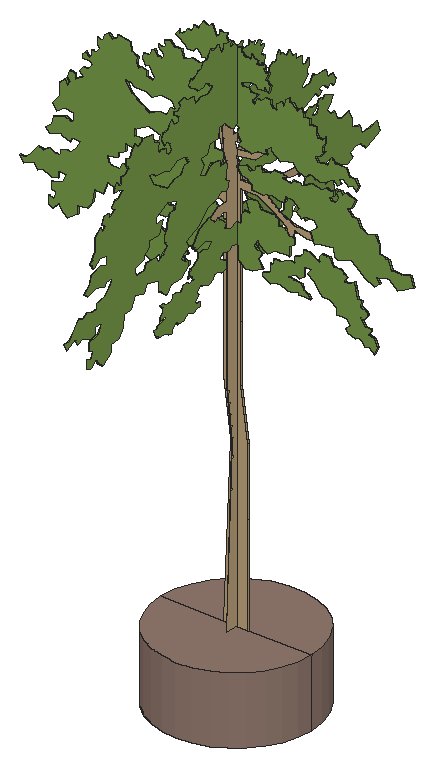
Revit family "L-PL특수목_소나무_2", category 수목, Revit 2019
Family settings
  OmniClass 번호 = 23.40.05.00
  OmniClass 제목 = Plants and Planting Products
  작업 기준면 기반 = 아니오
  항상 수직 = 예
  로드될 때 보이드를 사용하여 절단 = 아니오
  렌더 모양 소스 = 패밀리 형상
  공유 = 아니오
Parameters
  콘 높이 = 뿌리분 직경 / 4  # 272.5 mm
  뿌리분 직경 = (24 mm + ((R / 10) - 3 mm) * 5) * 10  # 1090 mm
  뿌리분 높이 = 뿌리분 직경 / 2  # 545 mm
  높이 = 4500 mm
  R = 200 mm
  H = 높이  # 4500 mm
Reference planes
  plane 1 "중심(앞/뒤)": y = 0
  plane 2: z = 0
  plane 3 "중심(왼쪽/오른쪽)": x = 0
  plane 4: x = 482.5
  plane 5: x = -607.5
  plane 6: z = -545
  plane 7: z = -817.5
  plane 8: z = 4500
  plane 9: x = -100
  plane 10: x = 100
Forms (mm)
  Revolve 1, solid, material "흙"
    sketch origin (0, 0, 0) x (1, 0, 0) y (0, 0, 1)
      loop
        line (0, 0) -> (-607.5, 0) -> (-607.5, -545) -> (0, -545) -> (0, 0)
      axis (0, 0) -> (0, -545)
    angle from 0 to 360
  Revolve 2, solid, material "흙"
    sketch origin (0, 0, 0) x (1, 0, 0) y (0, 0, 1)
      loop
        line (0, -545) -> (-607.5, -545) -> (0, -817.5) -> (0, -545)
      axis (0, -545) -> (0, -817.5)
    angle from 0 to 360
Dimensions and locks
  "뿌리분 직경": plane 4 to plane 5
  "뿌리분 높이": plane 6 to level
  "콘 높이": plane 7 to plane 6
  "H": level to plane 8
  "R": plane 9 to plane 10
  aligned and locked: level to plane 2
Automatic sketch dimensions
  Revolve 1 sketch curve to level = 0 mm  (x2)
  Revolve 1 sketch curve to plane 5 = 0 mm
  Revolve 1 sketch curve to plane 3 "중심(왼쪽/오른쪽)" = 0 mm  (x2)
  Revolve 1 sketch curve to plane 6 = 0 mm  (x2)
  Revolve 2 sketch curve to plane 5 = 0 mm
  Revolve 2 sketch curve to plane 3 "중심(왼쪽/오른쪽)" = 0 mm  (x2)
  Revolve 2 sketch curve to plane 7 = 0 mm  (x2)
  Revolve 2 sketch curve to plane 6 = 0 mm  (x2)
Nested families
  nested 1: "소나무2_base" at (0, 0, 0), type "소나무2_base"
Definition of nested family "소나무2_base"
  Parameters (values of type "소나무2_base")
    Height = 6000 mm
  Reference planes
    plane 1 "중심(앞/뒤)": y = 0
    plane 2: z = 0
    plane 3 "중심(왼쪽/오른쪽)": x = 0
  Forms (mm)
    Extrusion 1, solid
      sketch origin (1494.374, 0, -287.318) x (1, 0, 0) y (0, 0, 1)
        loop
          line (-1586.869, 3026.538) -> (-1586.869, 2063.157) -> (-1536.565, 1628.95) -> (-1594.374, 287.318) -> (-1394.374, 287.318) -> (-1394.374, 1091.736) -> (-1394.374, 1635.286) -> (-1451.643, 2038.542) -> (-1451.643, 2501.02) -> (-1451.643, 2923.202) -> (-1474.882, 2938.836) -> (-1474.882, 2996.668) -> (-1474.882, 3034.8) -> (-1541.665, 3049.416) -> (-1573.465, 3026.538) -> (-1586.869, 3026.538)
        loop
          line (-1453.269, 3256.498) -> (-1453.269, 3455.447) -> (-1316.479, 3455.447) -> (-1190.433, 3382.454) -> (-1080.858, 3313.755) -> (-1069.515, 3262.75) -> (-1061.77, 3254.339) -> (-1028.647, 3254.339) -> (-1019.267, 3302.305) -> (-919.002, 3282.268) -> (-872.197, 3282.268) -> (-891.688, 3331.553) -> (-1015.686, 3344.527) -> (-1133.138, 3392.473) -> (-1247.215, 3484.058) -> (-1249.703, 3483.242) -> (-1267.502, 3470.245) -> (-1364.028, 3479.822) -> (-1364.028, 3517.444) -> (-1369.191, 3521.468) -> (-1453.271, 3521.468) -> (-1453.271, 3554.056) -> (-1455.076, 3554.382) -> (-1482.459, 3607.053) -> (-1470.891, 3611.859) -> (-1484.044, 3681.331) -> (-1335.99, 3708.101) -> (-1258.823, 3772.139) -> (-1314.9, 3772.139) -> (-1363.81, 3739.187) -> (-1385.829, 3745.068) -> (-1499.547, 3724.079) -> (-1514.88, 3785.633) -> (-1460.937, 3785.633) -> (-1453.853, 3798.462) -> (-1478.218, 3831.276) -> (-1478.218, 3844.871) -> (-1534.231, 3844.871) -> (-1534.231, 3891.904) -> (-1565.082, 3911.721) -> (-1613.811, 3958.295) -> (-1639.979, 3958.295) -> (-1622.626, 3775.264) -> (-1598.299, 3674.834) -> (-1590.506, 3674.834) -> (-1590.506, 3629.229) -> (-1593.622, 3620.031) -> (-1593.622, 3549.778) -> (-1560.787, 3532.718) -> (-1585.2, 3461.659) -> (-1593.622, 3465.717) -> (-1593.622, 3390.6) -> (-1677.87, 3390.6) -> (-1758.304, 3339.112) -> (-1713.255, 3294.981) -> (-1683.279, 3319.769) -> (-1680.437, 3312.007) -> (-1622.662, 3326.948) -> (-1591.519, 3308.56) -> (-1591.519, 3197.16) -> (-1551.5, 3184.664) -> (-1507.716, 3210.589) -> (-1457.446, 3210.589) -> (-1457.446, 3249.478) -> (-1453.269, 3256.498)
      from 0 to 5
    Extrusion 2, solid
      sketch origin (1494.374, 0, -287.318) x (1, 0, 0) y (0, 0, 1)
        loop
          line (-2075.957, 4178.545) -> (-2122.335, 4178.545) -> (-2146.15, 4219.251) -> (-2168.086, 4205.473) -> (-2179.699, 4162.648) -> (-2233.233, 4162.648) -> (-2245.199, 4123.631) -> (-2221.896, 4072.027) -> (-2194.815, 4087.76) -> (-2167.103, 4057.553) -> (-2146.319, 4010.354) -> (-2163.954, 3993.991) -> (-2208.041, 4005.319) -> (-2208.041, 4041.19) -> (-2252.757, 4050.63) -> (-2277.319, 4038.673) -> (-2289.916, 4077.061) -> (-2279.209, 4113.562) -> (-2331.483, 4141.252) -> (-2340.301, 4201.037) -> (-2441.7, 4215.511) -> (-2441.7, 4194.744) -> (-2483.268, 4176.493) -> (-2514.758, 4207.33) -> (-2545.619, 4182.157) -> (-2565.773, 4131.183) -> (-2606.71, 4145.657) -> (-2606.71, 4090.906) -> (-2586.556, 4064.475) -> (-2616.788, 4034.897) -> (-2655.894, 4031.268) -> (-2655.894, 3981.71) -> (-2678.536, 3981.71) -> (-2699.022, 4008.644) -> (-2728.133, 3978.478) -> (-2728.133, 3949.39) -> (-2668.832, 3949.39) -> (-2645.113, 3929.998) -> (-2679.615, 3891.213) -> (-2715.195, 3891.213) -> (-2750.86, 3851.944) -> (-2719.592, 3820.7) -> (-2783.206, 3784.071) -> (-2783.206, 3823.933) -> (-2829.568, 3823.933) -> (-2847.898, 3775.452) -> (-2818.786, 3743.131) -> (-2844.663, 3715.12) -> (-2860.836, 3756.06) -> (-2914.746, 3707.579) -> (-2914.746, 3669.872) -> (-2914.746, 3609.54) -> (-2969.493, 3538.874) -> (-2938.584, 3497.918) -> (-2873.406, 3536.86) -> (-2800.165, 3526.789) -> (-2800.165, 3456.962) -> (-2860.64, 3481.805) -> (-2956.726, 3450.92) -> (-2972.853, 3391.836) -> (-3023.951, 3346.648) -> (-2991.027, 3318.449) -> (-2905.691, 3346.648) -> (-2886.877, 3333.219) -> (-2825.059, 3313.749) -> (-2810.276, 3342.619) -> (-2741.067, 3342.619) -> (-2776.679, 3288.235) -> (-2819.683, 3239.222) -> (-2858.656, 3239.222) -> (-2901.659, 3225.123) -> (-2901.659, 3187.524) -> (-2952.726, 3187.524) -> (-2995.73, 3205.652) -> (-3038.062, 3180.81) -> (-3081.787, 3193.975) -> (-3120.759, 3140.263) -> (-3176.53, 3077.15) -> (-3232.3, 3077.15) -> (-3204.751, 3023.438) -> (-3124.119, 3065.736) -> (-3091.866, 3013.367) -> (-3049.534, 3040.223) -> (-2979.653, 3005.31) -> (-2923.21, 3016.052) -> (-2923.21, 3066.408) -> (-2852.657, 3066.408) -> (-2884.238, 2999.938) -> (-2973.594, 2976.883) -> (-2973.594, 2920.485) -> (-2942.012, 2907.728) -> (-2954.107, 2852.001) -> (-3000.471, 2864.086) -> (-3000.471, 2803.66) -> (-2964.858, 2785.532) -> (-2917.823, 2828.502) -> (-2886.242, 2786.203) -> (-2847.941, 2753.975) -> (-2762.347, 2812.113) -> (-2762.347, 2868.767) -> (-2685.324, 2883.732) -> (-2642.533, 2937.178) -> (-2627.557, 3031.243) -> (-2559.092, 3031.243) -> (-2525.164, 3120.585) -> (-2429.695, 3095.033) -> (-2402.418, 3149.544) -> (-2277.967, 3118.882) -> (-2277.967, 3043.929) -> (-2204.66, 2987.714) -> (-2155.221, 3038.819) -> (-2059.751, 3038.819) -> (-1989.854, 3096.737) -> (-1989.854, 3141.027) -> (-2022.245, 3141.027) -> (-2054.637, 3180.207) -> (-1979.625, 3238.125) -> (-2010.312, 3282.415) -> (-1873.927, 3340.333) -> (-1792.096, 3428.914) -> (-1698.769, 3459.538) -> (-1644.638, 3490.295) -> (-1585.2, 3461.659) -> (-1560.787, 3532.718) -> (-1613.857, 3560.292) -> (-1590.506, 3629.229) -> (-1590.506, 3674.834) -> (-1663.743, 3674.834) -> (-1663.743, 3717.257) -> (-1749.717, 3735.287) -> (-1796.419, 3671.652) -> (-1865.41, 3694.985) -> (-1828.261, 3758.619) -> (-1857.98, 3818.011) -> (-1799.603, 3818.011) -> (-1770.945, 3882.706) -> (-1689.217, 3882.706) -> (-1674.192, 3958.295) -> (-1613.811, 3958.295) -> (-1565.082, 3911.721) -> (-1520.59, 3883.142) -> (-1503.641, 3912.78) -> (-1459.15, 3889.493) -> (-1478.218, 3854.562) -> (-1478.218, 3831.276) -> (-1453.853, 3798.462) -> (-1470.802, 3767.766) -> (-1363.81, 3739.187) -> (-1314.9, 3772.139) -> (-1238.629, 3772.139) -> (-1253.459, 3809.186) -> (-1202.612, 3841.999) -> (-1202.612, 3818.712) -> (-1134.815, 3758.378) -> (-1104.095, 3778.49) -> (-1028.883, 3793.308) -> (-1004.519, 3745.676) -> (-940.959, 3723.448) -> (-895.409, 3755.203) -> (-818.078, 3724.506) -> (-758.756, 3750.969) -> (-706.849, 3779.548) -> (-671.892, 3749.91) -> (-641.171, 3774.256) -> (-665.535, 3794.367) -> (-632.697, 3812.361) -> (-583.968, 3771.08) -> (-555.366, 3791.192) -> (-520.408, 3759.437) -> (-501.34, 3802.835) -> (-525.705, 3847.291) -> (-576.553, 3847.291) -> (-600.883, 3904.386) -> (-685.922, 3904.386) -> (-724.212, 3931.432) -> (-750.619, 3877.34) -> (-833.141, 3868.105) -> (-845.684, 3895.151) -> (-806.073, 3919.558) -> (-776.366, 3955.18) -> (-792.21, 3955.18) -> (-792.21, 3987.503) -> (-771.084, 4017.187) -> (-771.084, 4064.683) -> (-793.53, 4042.254) -> (-831.82, 4042.254) -> (-843.703, 4074.578) -> (-843.703, 4114.157) -> (-897.838, 4114.157) -> (-897.838, 4151.176) -> (-943.402, 4151.176) -> (-943.402, 4174.236) -> (-963.333, 4209.873) -> (-994.802, 4179.477) -> (-1034.664, 4217.211) -> (-1061.937, 4217.211) -> (-1061.937, 4248.655) -> (-1089.211, 4221.403) -> (-1089.211, 4202.536) -> (-1104.945, 4174.236) -> (-1126.974, 4194.151) -> (-1163.688, 4165.851) -> (-1163.688, 4129.165) -> (-1195.158, 4129.165) -> (-1211.942, 4151.176) -> (-1211.942, 4179.477) -> (-1251.803, 4179.477) -> (-1281.174, 4148.032) -> (-1318.938, 4148.032) -> (-1339.917, 4108.202) -> (-1375.583, 4129.165) -> (-1342.015, 4143.839) -> (-1315.045, 4181.79) -> (-1371.579, 4181.79) -> (-1392.517, 4202.712) -> (-1436.488, 4202.712) -> (-1456.38, 4225.726) -> (-1427.066, 4225.726) -> (-1387.283, 4250.833) -> (-1351.687, 4250.833) -> (-1331.796, 4250.833) -> (-1315.045, 4227.818) -> (-1257.464, 4227.818) -> (-1257.464, 4249.786) -> (-1228.15, 4226.772) -> (-1209.305, 4280.123) -> (-1250.135, 4309.414) -> (-1225.616, 4354.556) -> (-1225.616, 4366.257) -> (-1248.385, 4366.257) -> (-1264.648, 4387.707) -> (-1245.133, 4398.758) -> (-1263.347, 4413.058) -> (-1301.078, 4392.908) -> (-1321.895, 4404.608) -> (-1310.836, 4428.009) -> (-1344.013, 4428.009) -> (-1367.432, 4453.36) -> (-1367.432, 4422.809) -> (-1414.271, 4422.809) -> (-1447.448, 4446.859) -> (-1438.991, 4484.561) -> (-1470.217, 4464.41) -> (-1497.539, 4474.16) -> (-1518.356, 4499.511) -> (-1550.232, 4488.461) -> (-1569.097, 4506.011) -> (-1559.99, 4539.163) -> (-1593.167, 4529.412) -> (-1622.441, 4542.413) -> (-1622.441, 4508.611) -> (-1647.811, 4489.111) -> (-1663.424, 4524.862) -> (-1680.785, 4561.316) -> (-1713.231, 4540.021) -> (-1752.272, 4562.708) -> (-1788.334, 4500.65) -> (-1833.413, 4500.65) -> (-1844.067, 4455.969) -> (-1880.417, 4455.969) -> (-1893.579, 4435.303) -> (-1947.477, 4405.87) -> (-1947.477, 4430.293) -> (-1973.8, 4389.587) -> (-1955.625, 4372.053) -> (-1907.367, 4338.862) -> (-1882.924, 4313.813) -> (-1833.413, 4313.813) -> (-1810.224, 4345.124) -> (-1778.26, 4320.075) -> (-1763.846, 4298.783) -> (-1738.15, 4298.783) -> (-1738.15, 4274.986) -> (-1780.141, 4246.805) -> (-1847.201, 4258.077) -> (-1887.938, 4238.038) -> (-1913.634, 4238.038) -> (-1928.049, 4295.025) -> (-1986.334, 4295.025) -> (-2020.178, 4325.085) -> (-2068.436, 4309.429) -> (-2055.902, 4274.36) -> (-2088.491, 4253.694) -> (-2117.948, 4266.845) -> (-2117.948, 4243.674) -> (-2075.957, 4211.736) -> (-2075.957, 4178.545)
        loop
          line (-2333.364, 3839.496) -> (-2259.044, 3792.867) -> (-2188.179, 3746.237) -> (-2108.674, 3780.777) -> (-2049.909, 3780.777) -> (-2017.07, 3841.223) -> (-1979.045, 3841.223) -> (-2010.156, 3903.396) -> (-2101.761, 3906.851) -> (-2169.167, 3865.402) -> (-2221.019, 3891.307) -> (-2309.167, 3891.307) -> (-2343.734, 3918.94) -> (-2376.574, 3918.94) -> (-2333.364, 3839.496)
        loop
          line (-2306.874, 3538.106) -> (-2235.802, 3538.106) -> (-2279.138, 3451.5) -> (-2376.213, 3451.5) -> (-2376.213, 3403.595) -> (-2436.161, 3371.084) -> (-2436.161, 3337.489) -> (-2526.179, 3316.898) -> (-2511.875, 3254.364) -> (-2424.231, 3254.364) -> (-2400.37, 3298.475) -> (-2308.183, 3298.475) -> (-2277.815, 3259.462) -> (-2224.087, 3301.284) -> (-2186.266, 3330.723) -> (-2216.344, 3369.364) -> (-2216.344, 3413.348) -> (-2191.051, 3456.697) -> (-2191.051, 3492.459) -> (-2158.514, 3559.649) -> (-2110.794, 3559.649) -> (-2097.123, 3614.319) -> (-2192.465, 3650.694) -> (-2306.874, 3588.338) -> (-2306.874, 3538.106)
        loop
          line (-1285.339, 3672.923) -> (-1294.924, 3672.923) -> (-1330.521, 3656.506) -> (-1330.521, 3627.777) -> (-1370.227, 3614.78) -> (-1407.879, 3638.037) -> (-1482.459, 3607.053) -> (-1455.076, 3554.382) -> (-1398.257, 3544.122) -> (-1364.028, 3517.444) -> (-1364.028, 3479.822) -> (-1267.502, 3470.245) -> (-1249.703, 3483.242) -> (-1205.891, 3497.607) -> (-1153.178, 3477.77) -> (-1101.151, 3477.77) -> (-1101.151, 3486.662) -> (-1090.198, 3523.6) -> (-1038.854, 3523.6) -> (-981.35, 3477.086) -> (-1000.518, 3445.62) -> (-960.812, 3414.154) -> (-934.646, 3432.799) -> (-859.552, 3432.799) -> (-833.614, 3391.877) -> (-895.045, 3340.043) -> (-861.599, 3255.471) -> (-837.027, 3272.522) -> (-705.975, 3294.347) -> (-696.419, 3228.19) -> (-675.259, 3215.232) -> (-562.636, 3245.923) -> (-530.556, 3220.688) -> (-454.108, 3166.125) -> (-374.248, 3126.568) -> (-330.565, 3161.351) -> (-355.137, 3200.227) -> (-295.071, 3222.052) -> (-252.07, 3222.052) -> (-192.004, 3162.715) -> (-132.621, 3188.632) -> (-57.539, 3228.19) -> (-81.429, 3307.988) -> (-150.367, 3292.301) -> (-235.005, 3292.301) -> (-261.098, 3355.329) -> (-337.545, 3375.789) -> (-337.545, 3442.628) -> (-366.213, 3501.965) -> (-433.787, 3480.822) -> (-484.296, 3510.149) -> (-509.552, 3566.076) -> (-550.505, 3566.076) -> (-590.094, 3613.818) -> (-555.966, 3632.233) -> (-525.099, 3691.663) -> (-598.335, 3724.768) -> (-630.795, 3702.364) -> (-639.695, 3720.149) -> (-662.286, 3720.149) -> (-681.454, 3688.683) -> (-667.078, 3668.846) -> (-678.715, 3625.751) -> (-720.475, 3625.751) -> (-736.22, 3640.116) -> (-704.045, 3667.478) -> (-704.045, 3698.26) -> (-732.797, 3687.999) -> (-758.127, 3704.416) -> (-801.344, 3673.607) -> (-878.017, 3690.708) -> (-907.453, 3677.712) -> (-965.642, 3646.246) -> (-982.072, 3661.979) -> (-1033.415, 3661.979) -> (-1033.415, 3636.669) -> (-1076.544, 3636.669) -> (-1112.826, 3652.402) -> (-1086.128, 3669.503) -> (-1116.933, 3681.132) -> (-1142.263, 3681.132) -> (-1182.653, 3681.132) -> (-1208.667, 3657.874) -> (-1274.386, 3640.773) -> (-1285.339, 3672.923)
        loop
          line (-1055.284, 3174.942) -> (-1019.608, 3205.728) -> (-1019.608, 3254.339) -> (-1061.77, 3254.339) -> (-1099.068, 3294.848) -> (-1150.959, 3294.848) -> (-1150.959, 3327.254) -> (-1180.149, 3359.662) -> (-1214.203, 3359.662) -> (-1283.933, 3359.662) -> (-1327.716, 3408.272) -> (-1386.094, 3408.272) -> (-1407.175, 3379.106) -> (-1377.986, 3309.431) -> (-1421.77, 3309.431) -> (-1457.446, 3249.478) -> (-1457.446, 3210.589) -> (-1507.716, 3210.589) -> (-1551.5, 3184.664) -> (-1629.338, 3208.969) -> (-1608.256, 3242.996) -> (-1655.283, 3286.746) -> (-1667.774, 3277.422) -> (-1683.279, 3319.769) -> (-1713.255, 3294.981) -> (-1765.972, 3346.623) -> (-1870.372, 3307.375) -> (-1930.324, 3216.484) -> (-1908.617, 3173.104) -> (-1808.352, 3204.09) -> (-1743.823, 3165.456) -> (-1784.326, 3126.269) -> (-1828.045, 3146.184) -> (-1881.407, 3137.19) -> (-1881.407, 3103.142) -> (-1898.123, 3090.294) -> (-1928.34, 3068.451) -> (-1962.415, 3068.451) -> (-1981.945, 3000.687) -> (-1954.412, 3010.795) -> (-1930.824, 2975.953) -> (-1964.668, 2958.532) -> (-1988.256, 2978.002) -> (-2034.407, 2978.002) -> (-2034.407, 2958.532) -> (-2063.124, 2939.061) -> (-2102.096, 2956.482) -> (-2136.965, 2956.482) -> (-2136.965, 2935.987) -> (-2157.477, 2913.442) -> (-2199.526, 2913.442) -> (-2229.268, 2930.863) -> (-2266.189, 2930.863) -> (-2238.498, 2903.194) -> (-2238.498, 2874.5) -> (-2261.061, 2844.781) -> (-2261.061, 2820.187) -> (-2206.705, 2838.633) -> (-2206.705, 2810.964) -> (-2241.575, 2810.964) -> (-2292.854, 2791.493) -> (-2292.854, 2778.171) -> (-2326.698, 2778.171) -> (-2307.212, 2728.982) -> (-2276.445, 2706.437) -> (-2211.833, 2706.437) -> (-2179.015, 2683.891) -> (-2149.272, 2683.891) -> (-2149.272, 2705.412) -> (-2112.435, 2750.108) -> (-2086.896, 2720.506) -> (-2029.689, 2720.506) -> (-2004.149, 2736.838) -> (-1978.61, 2755.212) -> (-1931.618, 2739.901) -> (-1898.928, 2754.191) -> (-1869.303, 2754.191) -> (-1869.303, 2785.835) -> (-1893.82, 2785.835) -> (-1918.338, 2808.292) -> (-1875.575, 2840.33) -> (-1895.291, 2865.751) -> (-1859.674, 2903.882) -> (-1838.685, 2887.359) -> (-1772.54, 2870.835) -> (-1736.923, 2889.901) -> (-1728.018, 2921.677) -> (-1680.953, 2921.677) -> (-1644.063, 2900.069) -> (-1610.355, 2914.05) -> (-1610.355, 2974.425) -> (-1668.232, 3008.743) -> (-1634.523, 3043.061) -> (-1596.362, 3026.538) -> (-1573.465, 3026.538) -> (-1541.665, 3049.416) -> (-1474.882, 3034.8) -> (-1474.882, 2996.668) -> (-1474.882, 2938.836) -> (-1410.644, 2895.62) -> (-1355.311, 2895.62) -> (-1273.9, 2938.2) -> (-1293.617, 2974.425) -> (-1310.153, 3000.481) -> (-1284.712, 3031.622) -> (-1284.712, 3049.416) -> (-1329.234, 3075.473) -> (-1340.046, 3093.267) -> (-1314.606, 3127.586) -> (-1290.437, 3102.165) -> (-1267.54, 3079.286) -> (-1233.831, 3060.22) -> (-1170.419, 3106.887) -> (-1136.365, 3106.887) -> (-1079.608, 3106.887) -> (-1055.284, 3106.887) -> (-1055.284, 3174.942)
        loop
          line (-958.773, 2941.697) -> (-994.132, 2941.697) -> (-1068.164, 2958.259) -> (-1014.021, 2988.069) -> (-980.872, 2971.508) -> (-938.883, 3000.214) -> (-938.883, 3035.545) -> (-938.883, 3068.752) -> (-878.739, 3068.752) -> (-916.65, 3026.738) -> (-867.021, 2997.121) -> (-823.596, 2939.955) -> (-796.024, 2903.451) -> (-734.677, 2903.451) -> (-680.912, 2867.636) -> (-680.912, 2818.045) -> (-629.215, 2818.045) -> (-596.818, 2818.045) -> (-565.111, 2776.031) -> (-606.468, 2745.038) -> (-594.75, 2716.799) -> (-530.646, 2695.447) -> (-503.074, 2711.289) -> (-481.706, 2700.957) -> (-458.27, 2663.765) -> (-422.427, 2674.096) -> (-374.866, 2632.771) -> (-349.362, 2694.07) -> (-372.798, 2751.925) -> (-420.387, 2765.82) -> (-401.776, 2793.37) -> (-401.776, 2809.211) -> (-445.201, 2809.211) -> (-484.491, 2862.245) -> (-454.162, 2862.245) -> (-425.212, 2901.504) -> (-436.93, 2924.922) -> (-486.559, 2944.896) -> (-477.598, 2988.287) -> (-511.373, 2988.287) -> (-525.159, 3061.984) -> (-535.498, 3106.753) -> (-578.924, 3078.831) -> (-617.929, 3078.831) -> (-594.361, 3110.673) -> (-653.796, 3154.664) -> (-706.626, 3154.664) -> (-733.041, 3215.152) -> (-760.729, 3208.982) -> (-789.709, 3218.922) -> (-814.022, 3185.703) -> (-814.022, 3153.684) -> (-841.647, 3153.684) -> (-872.586, 3172.454) -> (-904.63, 3190.119) -> (-949.933, 3190.119) -> (-949.933, 3164.725) -> (-965.403, 3144.851) -> (-1016.231, 3120.561) -> (-1016.231, 3094.063) -> (-1016.231, 3076.397) -> (-1053.8, 3076.397) -> (-1097.998, 3060.94) -> (-1121.202, 3041.066) -> (-1167.611, 3041.066) -> (-1191.92, 3041.066) -> (-1191.92, 3000.214) -> (-1214.019, 3000.214) -> (-1214.019, 2983.653) -> (-1214.019, 2941.697) -> (-1275.897, 2914.095) -> (-1275.897, 2885.388) -> (-1209.599, 2854.474) -> (-1176.45, 2872.139) -> (-1135.567, 2872.139) -> (-1072.584, 2855.578) -> (-1048.275, 2855.578) -> (-983.082, 2873.243) -> (-983.082, 2854.474) -> (-938.883, 2854.474) -> (-886.95, 2854.474) -> (-910.154, 2887.596) -> (-941.093, 2887.596) -> (-958.773, 2941.697)
      from 0 to 5
    Extrusion 3, solid
      sketch origin (0, 1494.374, -287.318) x (0, 1, 0) y (0, 0, 1)
        loop
          line (-1586.869, 3026.538) -> (-1586.869, 2063.157) -> (-1536.565, 1628.95) -> (-1594.374, 287.318) -> (-1394.374, 287.318) -> (-1394.374, 1091.736) -> (-1394.374, 1635.286) -> (-1451.643, 2038.542) -> (-1451.643, 2501.02) -> (-1451.643, 2923.202) -> (-1474.882, 2938.836) -> (-1474.882, 2996.668) -> (-1474.882, 3034.8) -> (-1541.665, 3049.416) -> (-1573.465, 3026.538) -> (-1586.869, 3026.538)
        loop
          line (-1453.269, 3256.498) -> (-1453.269, 3455.447) -> (-1316.479, 3455.447) -> (-1190.433, 3382.454) -> (-1080.858, 3313.755) -> (-1069.515, 3262.75) -> (-1061.77, 3254.339) -> (-1028.647, 3254.339) -> (-1019.267, 3302.305) -> (-919.002, 3282.268) -> (-872.197, 3282.268) -> (-891.688, 3331.553) -> (-1015.686, 3344.527) -> (-1133.138, 3392.473) -> (-1247.215, 3484.058) -> (-1249.703, 3483.242) -> (-1267.502, 3470.245) -> (-1364.028, 3479.822) -> (-1364.028, 3517.444) -> (-1369.191, 3521.468) -> (-1453.271, 3521.468) -> (-1453.271, 3554.056) -> (-1455.076, 3554.382) -> (-1482.459, 3607.053) -> (-1470.891, 3611.859) -> (-1484.044, 3681.331) -> (-1335.99, 3708.101) -> (-1258.823, 3772.139) -> (-1314.9, 3772.139) -> (-1363.81, 3739.187) -> (-1385.829, 3745.068) -> (-1499.547, 3724.079) -> (-1514.88, 3785.633) -> (-1460.937, 3785.633) -> (-1453.853, 3798.462) -> (-1478.218, 3831.276) -> (-1478.218, 3844.871) -> (-1534.231, 3844.871) -> (-1534.231, 3891.904) -> (-1565.082, 3911.721) -> (-1613.811, 3958.295) -> (-1639.979, 3958.295) -> (-1622.626, 3775.264) -> (-1598.299, 3674.834) -> (-1590.506, 3674.834) -> (-1590.506, 3629.229) -> (-1593.622, 3620.031) -> (-1593.622, 3549.778) -> (-1560.787, 3532.718) -> (-1585.2, 3461.659) -> (-1593.622, 3465.717) -> (-1593.622, 3390.6) -> (-1677.87, 3390.6) -> (-1758.304, 3339.112) -> (-1713.255, 3294.981) -> (-1683.279, 3319.769) -> (-1680.437, 3312.007) -> (-1622.662, 3326.948) -> (-1591.519, 3308.56) -> (-1591.519, 3197.16) -> (-1551.5, 3184.664) -> (-1507.716, 3210.589) -> (-1457.446, 3210.589) -> (-1457.446, 3249.478) -> (-1453.269, 3256.498)
      from 0 to 5
    Extrusion 4, solid
      sketch origin (0, 1494.374, -287.318) x (0, 1, 0) y (0, 0, 1)
        loop
          line (-2075.957, 4178.545) -> (-2122.335, 4178.545) -> (-2146.15, 4219.251) -> (-2168.086, 4205.473) -> (-2179.699, 4162.648) -> (-2233.233, 4162.648) -> (-2245.199, 4123.631) -> (-2221.896, 4072.027) -> (-2194.815, 4087.76) -> (-2167.103, 4057.553) -> (-2146.319, 4010.354) -> (-2163.954, 3993.991) -> (-2208.041, 4005.319) -> (-2208.041, 4041.19) -> (-2252.757, 4050.63) -> (-2277.319, 4038.673) -> (-2289.916, 4077.061) -> (-2279.209, 4113.562) -> (-2331.483, 4141.252) -> (-2340.301, 4201.037) -> (-2441.7, 4215.511) -> (-2441.7, 4194.744) -> (-2483.268, 4176.493) -> (-2514.758, 4207.33) -> (-2545.619, 4182.157) -> (-2565.773, 4131.183) -> (-2606.71, 4145.657) -> (-2606.71, 4090.906) -> (-2586.556, 4064.475) -> (-2616.788, 4034.897) -> (-2655.894, 4031.268) -> (-2655.894, 3981.71) -> (-2678.536, 3981.71) -> (-2699.022, 4008.644) -> (-2728.133, 3978.478) -> (-2728.133, 3949.39) -> (-2668.832, 3949.39) -> (-2645.113, 3929.998) -> (-2679.615, 3891.213) -> (-2715.195, 3891.213) -> (-2750.86, 3851.944) -> (-2719.592, 3820.7) -> (-2783.206, 3784.071) -> (-2783.206, 3823.933) -> (-2829.568, 3823.933) -> (-2847.898, 3775.452) -> (-2818.786, 3743.131) -> (-2844.663, 3715.12) -> (-2860.836, 3756.06) -> (-2914.746, 3707.579) -> (-2914.746, 3669.872) -> (-2914.746, 3609.54) -> (-2969.493, 3538.874) -> (-2938.584, 3497.918) -> (-2873.406, 3536.86) -> (-2800.165, 3526.789) -> (-2800.165, 3456.962) -> (-2860.64, 3481.805) -> (-2956.726, 3450.92) -> (-2972.853, 3391.836) -> (-3023.951, 3346.648) -> (-2991.027, 3318.449) -> (-2905.691, 3346.648) -> (-2886.877, 3333.219) -> (-2825.059, 3313.749) -> (-2810.276, 3342.619) -> (-2741.067, 3342.619) -> (-2776.679, 3288.235) -> (-2819.683, 3239.222) -> (-2858.656, 3239.222) -> (-2901.659, 3225.123) -> (-2901.659, 3187.524) -> (-2952.726, 3187.524) -> (-2995.73, 3205.652) -> (-3038.062, 3180.81) -> (-3081.787, 3193.975) -> (-3120.759, 3140.263) -> (-3176.53, 3077.15) -> (-3232.3, 3077.15) -> (-3204.751, 3023.438) -> (-3124.119, 3065.736) -> (-3091.866, 3013.367) -> (-3049.534, 3040.223) -> (-2979.653, 3005.31) -> (-2923.21, 3016.052) -> (-2923.21, 3066.408) -> (-2852.657, 3066.408) -> (-2884.238, 2999.938) -> (-2973.594, 2976.883) -> (-2973.594, 2920.485) -> (-2942.012, 2907.728) -> (-2954.107, 2852.001) -> (-3000.471, 2864.086) -> (-3000.471, 2803.66) -> (-2964.858, 2785.532) -> (-2917.823, 2828.502) -> (-2886.242, 2786.203) -> (-2847.941, 2753.975) -> (-2762.347, 2812.113) -> (-2762.347, 2868.767) -> (-2685.324, 2883.732) -> (-2642.533, 2937.178) -> (-2627.557, 3031.243) -> (-2559.092, 3031.243) -> (-2525.164, 3120.585) -> (-2429.695, 3095.033) -> (-2402.418, 3149.544) -> (-2277.967, 3118.882) -> (-2277.967, 3043.929) -> (-2204.66, 2987.714) -> (-2155.221, 3038.819) -> (-2059.751, 3038.819) -> (-1989.854, 3096.737) -> (-1989.854, 3141.027) -> (-2022.245, 3141.027) -> (-2054.637, 3180.207) -> (-1979.625, 3238.125) -> (-2010.312, 3282.415) -> (-1873.927, 3340.333) -> (-1792.096, 3428.914) -> (-1698.769, 3459.538) -> (-1644.638, 3490.295) -> (-1585.2, 3461.659) -> (-1560.787, 3532.718) -> (-1613.857, 3560.292) -> (-1590.506, 3629.229) -> (-1590.506, 3674.834) -> (-1663.743, 3674.834) -> (-1663.743, 3717.257) -> (-1749.717, 3735.287) -> (-1796.419, 3671.652) -> (-1865.41, 3694.985) -> (-1828.261, 3758.619) -> (-1857.98, 3818.011) -> (-1799.603, 3818.011) -> (-1770.945, 3882.706) -> (-1689.217, 3882.706) -> (-1674.192, 3958.295) -> (-1613.811, 3958.295) -> (-1565.082, 3911.721) -> (-1520.59, 3883.142) -> (-1503.641, 3912.78) -> (-1459.15, 3889.493) -> (-1478.218, 3854.562) -> (-1478.218, 3831.276) -> (-1453.853, 3798.462) -> (-1470.802, 3767.766) -> (-1363.81, 3739.187) -> (-1314.9, 3772.139) -> (-1238.629, 3772.139) -> (-1253.459, 3809.186) -> (-1202.612, 3841.999) -> (-1202.612, 3818.712) -> (-1134.815, 3758.378) -> (-1104.095, 3778.49) -> (-1028.883, 3793.308) -> (-1004.519, 3745.676) -> (-940.959, 3723.448) -> (-895.409, 3755.203) -> (-818.078, 3724.506) -> (-758.756, 3750.969) -> (-706.849, 3779.548) -> (-671.892, 3749.91) -> (-641.171, 3774.256) -> (-665.535, 3794.367) -> (-632.697, 3812.361) -> (-583.968, 3771.08) -> (-555.366, 3791.192) -> (-520.408, 3759.437) -> (-501.34, 3802.835) -> (-525.705, 3847.291) -> (-576.553, 3847.291) -> (-600.883, 3904.386) -> (-685.922, 3904.386) -> (-724.212, 3931.432) -> (-750.619, 3877.34) -> (-833.141, 3868.105) -> (-845.684, 3895.151) -> (-806.073, 3919.558) -> (-776.366, 3955.18) -> (-792.21, 3955.18) -> (-792.21, 3987.503) -> (-771.084, 4017.187) -> (-771.084, 4064.683) -> (-793.53, 4042.254) -> (-831.82, 4042.254) -> (-843.703, 4074.578) -> (-843.703, 4114.157) -> (-897.838, 4114.157) -> (-897.838, 4151.176) -> (-943.402, 4151.176) -> (-943.402, 4174.236) -> (-963.333, 4209.873) -> (-994.802, 4179.477) -> (-1034.664, 4217.211) -> (-1061.937, 4217.211) -> (-1061.937, 4248.655) -> (-1089.211, 4221.403) -> (-1089.211, 4202.536) -> (-1104.945, 4174.236) -> (-1126.974, 4194.151) -> (-1163.688, 4165.851) -> (-1163.688, 4129.165) -> (-1195.158, 4129.165) -> (-1211.942, 4151.176) -> (-1211.942, 4179.477) -> (-1251.803, 4179.477) -> (-1281.174, 4148.032) -> (-1318.938, 4148.032) -> (-1339.917, 4108.202) -> (-1375.583, 4129.165) -> (-1342.015, 4143.839) -> (-1315.045, 4181.79) -> (-1371.579, 4181.79) -> (-1392.517, 4202.712) -> (-1436.488, 4202.712) -> (-1456.38, 4225.726) -> (-1427.066, 4225.726) -> (-1387.283, 4250.833) -> (-1351.687, 4250.833) -> (-1331.796, 4250.833) -> (-1315.045, 4227.818) -> (-1257.464, 4227.818) -> (-1257.464, 4249.786) -> (-1228.15, 4226.772) -> (-1209.305, 4280.123) -> (-1250.135, 4309.414) -> (-1225.616, 4354.556) -> (-1225.616, 4366.257) -> (-1248.385, 4366.257) -> (-1264.648, 4387.707) -> (-1245.133, 4398.758) -> (-1263.347, 4413.058) -> (-1301.078, 4392.908) -> (-1321.895, 4404.608) -> (-1310.836, 4428.009) -> (-1344.013, 4428.009) -> (-1367.432, 4453.36) -> (-1367.432, 4422.809) -> (-1414.271, 4422.809) -> (-1447.448, 4446.859) -> (-1438.991, 4484.561) -> (-1470.217, 4464.41) -> (-1497.539, 4474.16) -> (-1518.356, 4499.511) -> (-1550.232, 4488.461) -> (-1569.097, 4506.011) -> (-1559.99, 4539.163) -> (-1593.167, 4529.412) -> (-1622.441, 4542.413) -> (-1622.441, 4508.611) -> (-1647.811, 4489.111) -> (-1663.424, 4524.862) -> (-1680.785, 4561.316) -> (-1713.231, 4540.021) -> (-1752.272, 4562.708) -> (-1788.334, 4500.65) -> (-1833.413, 4500.65) -> (-1844.067, 4455.969) -> (-1880.417, 4455.969) -> (-1893.579, 4435.303) -> (-1947.477, 4405.87) -> (-1947.477, 4430.293) -> (-1973.8, 4389.587) -> (-1955.625, 4372.053) -> (-1907.367, 4338.862) -> (-1882.924, 4313.813) -> (-1833.413, 4313.813) -> (-1810.224, 4345.124) -> (-1778.26, 4320.075) -> (-1763.846, 4298.783) -> (-1738.15, 4298.783) -> (-1738.15, 4274.986) -> (-1780.141, 4246.805) -> (-1847.201, 4258.077) -> (-1887.938, 4238.038) -> (-1913.634, 4238.038) -> (-1928.049, 4295.025) -> (-1986.334, 4295.025) -> (-2020.178, 4325.085) -> (-2068.436, 4309.429) -> (-2055.902, 4274.36) -> (-2088.491, 4253.694) -> (-2117.948, 4266.845) -> (-2117.948, 4243.674) -> (-2075.957, 4211.736) -> (-2075.957, 4178.545)
        loop
          line (-2333.364, 3839.496) -> (-2259.044, 3792.867) -> (-2188.179, 3746.237) -> (-2108.674, 3780.777) -> (-2049.909, 3780.777) -> (-2017.07, 3841.223) -> (-1979.045, 3841.223) -> (-2010.156, 3903.396) -> (-2101.761, 3906.851) -> (-2169.167, 3865.402) -> (-2221.019, 3891.307) -> (-2309.167, 3891.307) -> (-2343.734, 3918.94) -> (-2376.574, 3918.94) -> (-2333.364, 3839.496)
        loop
          line (-2306.874, 3538.106) -> (-2235.802, 3538.106) -> (-2279.138, 3451.5) -> (-2376.213, 3451.5) -> (-2376.213, 3403.595) -> (-2436.161, 3371.084) -> (-2436.161, 3337.489) -> (-2526.179, 3316.898) -> (-2511.875, 3254.364) -> (-2424.231, 3254.364) -> (-2400.37, 3298.475) -> (-2308.183, 3298.475) -> (-2277.815, 3259.462) -> (-2224.087, 3301.284) -> (-2186.266, 3330.723) -> (-2216.344, 3369.364) -> (-2216.344, 3413.348) -> (-2191.051, 3456.697) -> (-2191.051, 3492.459) -> (-2158.514, 3559.649) -> (-2110.794, 3559.649) -> (-2097.123, 3614.319) -> (-2192.465, 3650.694) -> (-2306.874, 3588.338) -> (-2306.874, 3538.106)
        loop
          line (-1285.339, 3672.923) -> (-1294.924, 3672.923) -> (-1330.521, 3656.506) -> (-1330.521, 3627.777) -> (-1370.227, 3614.78) -> (-1407.879, 3638.037) -> (-1482.459, 3607.053) -> (-1455.076, 3554.382) -> (-1398.257, 3544.122) -> (-1364.028, 3517.444) -> (-1364.028, 3479.822) -> (-1267.502, 3470.245) -> (-1249.703, 3483.242) -> (-1205.891, 3497.607) -> (-1153.178, 3477.77) -> (-1101.151, 3477.77) -> (-1101.151, 3486.662) -> (-1090.198, 3523.6) -> (-1038.854, 3523.6) -> (-981.35, 3477.086) -> (-1000.518, 3445.62) -> (-960.812, 3414.154) -> (-934.646, 3432.799) -> (-859.552, 3432.799) -> (-833.614, 3391.877) -> (-895.045, 3340.043) -> (-861.599, 3255.471) -> (-837.027, 3272.522) -> (-705.975, 3294.347) -> (-696.419, 3228.19) -> (-675.259, 3215.232) -> (-562.636, 3245.923) -> (-530.556, 3220.688) -> (-454.108, 3166.125) -> (-374.248, 3126.568) -> (-330.565, 3161.351) -> (-355.137, 3200.227) -> (-295.071, 3222.052) -> (-252.07, 3222.052) -> (-192.004, 3162.715) -> (-132.621, 3188.632) -> (-57.539, 3228.19) -> (-81.429, 3307.988) -> (-150.367, 3292.301) -> (-235.005, 3292.301) -> (-261.098, 3355.329) -> (-337.545, 3375.789) -> (-337.545, 3442.628) -> (-366.213, 3501.965) -> (-433.787, 3480.822) -> (-484.296, 3510.149) -> (-509.552, 3566.076) -> (-550.505, 3566.076) -> (-590.094, 3613.818) -> (-555.966, 3632.233) -> (-525.099, 3691.663) -> (-598.335, 3724.768) -> (-630.795, 3702.364) -> (-639.695, 3720.149) -> (-662.286, 3720.149) -> (-681.454, 3688.683) -> (-667.078, 3668.846) -> (-678.715, 3625.751) -> (-720.475, 3625.751) -> (-736.22, 3640.116) -> (-704.045, 3667.478) -> (-704.045, 3698.26) -> (-732.797, 3687.999) -> (-758.127, 3704.416) -> (-801.344, 3673.607) -> (-878.017, 3690.708) -> (-907.453, 3677.712) -> (-965.642, 3646.246) -> (-982.072, 3661.979) -> (-1033.415, 3661.979) -> (-1033.415, 3636.669) -> (-1076.544, 3636.669) -> (-1112.826, 3652.402) -> (-1086.128, 3669.503) -> (-1116.933, 3681.132) -> (-1142.263, 3681.132) -> (-1182.653, 3681.132) -> (-1208.667, 3657.874) -> (-1274.386, 3640.773) -> (-1285.339, 3672.923)
        loop
          line (-1055.284, 3174.942) -> (-1019.608, 3205.728) -> (-1019.608, 3254.339) -> (-1061.77, 3254.339) -> (-1099.068, 3294.848) -> (-1150.959, 3294.848) -> (-1150.959, 3327.254) -> (-1180.149, 3359.662) -> (-1214.203, 3359.662) -> (-1283.933, 3359.662) -> (-1327.716, 3408.272) -> (-1386.094, 3408.272) -> (-1407.175, 3379.106) -> (-1377.986, 3309.431) -> (-1421.77, 3309.431) -> (-1457.446, 3249.478) -> (-1457.446, 3210.589) -> (-1507.716, 3210.589) -> (-1551.5, 3184.664) -> (-1629.338, 3208.969) -> (-1608.256, 3242.996) -> (-1655.283, 3286.746) -> (-1667.774, 3277.422) -> (-1683.279, 3319.769) -> (-1713.255, 3294.981) -> (-1765.972, 3346.623) -> (-1870.372, 3307.375) -> (-1930.324, 3216.484) -> (-1908.617, 3173.104) -> (-1808.352, 3204.09) -> (-1743.823, 3165.456) -> (-1784.326, 3126.269) -> (-1828.045, 3146.184) -> (-1881.407, 3137.19) -> (-1881.407, 3103.142) -> (-1898.123, 3090.294) -> (-1928.34, 3068.451) -> (-1962.415, 3068.451) -> (-1981.945, 3000.687) -> (-1954.412, 3010.795) -> (-1930.824, 2975.953) -> (-1964.668, 2958.532) -> (-1988.256, 2978.002) -> (-2034.407, 2978.002) -> (-2034.407, 2958.532) -> (-2063.124, 2939.061) -> (-2102.096, 2956.482) -> (-2136.965, 2956.482) -> (-2136.965, 2935.987) -> (-2157.477, 2913.442) -> (-2199.526, 2913.442) -> (-2229.268, 2930.863) -> (-2266.189, 2930.863) -> (-2238.498, 2903.194) -> (-2238.498, 2874.5) -> (-2261.061, 2844.781) -> (-2261.061, 2820.187) -> (-2206.705, 2838.633) -> (-2206.705, 2810.964) -> (-2241.575, 2810.964) -> (-2292.854, 2791.493) -> (-2292.854, 2778.171) -> (-2326.698, 2778.171) -> (-2307.212, 2728.982) -> (-2276.445, 2706.437) -> (-2211.833, 2706.437) -> (-2179.015, 2683.891) -> (-2149.272, 2683.891) -> (-2149.272, 2705.412) -> (-2112.435, 2750.108) -> (-2086.896, 2720.506) -> (-2029.689, 2720.506) -> (-2004.149, 2736.838) -> (-1978.61, 2755.212) -> (-1931.618, 2739.901) -> (-1898.928, 2754.191) -> (-1869.303, 2754.191) -> (-1869.303, 2785.835) -> (-1893.82, 2785.835) -> (-1918.338, 2808.292) -> (-1875.575, 2840.33) -> (-1895.291, 2865.751) -> (-1859.674, 2903.882) -> (-1838.685, 2887.359) -> (-1772.54, 2870.835) -> (-1736.923, 2889.901) -> (-1728.018, 2921.677) -> (-1680.953, 2921.677) -> (-1644.063, 2900.069) -> (-1610.355, 2914.05) -> (-1610.355, 2974.425) -> (-1668.232, 3008.743) -> (-1634.523, 3043.061) -> (-1596.362, 3026.538) -> (-1573.465, 3026.538) -> (-1541.665, 3049.416) -> (-1474.882, 3034.8) -> (-1474.882, 2996.668) -> (-1474.882, 2938.836) -> (-1410.644, 2895.62) -> (-1355.311, 2895.62) -> (-1273.9, 2938.2) -> (-1293.617, 2974.425) -> (-1310.153, 3000.481) -> (-1284.712, 3031.622) -> (-1284.712, 3049.416) -> (-1329.234, 3075.473) -> (-1340.046, 3093.267) -> (-1314.606, 3127.586) -> (-1290.437, 3102.165) -> (-1267.54, 3079.286) -> (-1233.831, 3060.22) -> (-1170.419, 3106.887) -> (-1136.365, 3106.887) -> (-1079.608, 3106.887) -> (-1055.284, 3106.887) -> (-1055.284, 3174.942)
        loop
          line (-958.773, 2941.697) -> (-994.132, 2941.697) -> (-1068.164, 2958.259) -> (-1014.021, 2988.069) -> (-980.872, 2971.508) -> (-938.883, 3000.214) -> (-938.883, 3035.545) -> (-938.883, 3068.752) -> (-878.739, 3068.752) -> (-916.65, 3026.738) -> (-867.021, 2997.121) -> (-823.596, 2939.955) -> (-796.024, 2903.451) -> (-734.677, 2903.451) -> (-680.912, 2867.636) -> (-680.912, 2818.045) -> (-629.215, 2818.045) -> (-596.818, 2818.045) -> (-565.111, 2776.031) -> (-606.468, 2745.038) -> (-594.75, 2716.799) -> (-530.646, 2695.447) -> (-503.074, 2711.289) -> (-481.706, 2700.957) -> (-458.27, 2663.765) -> (-422.427, 2674.096) -> (-374.866, 2632.771) -> (-349.362, 2694.07) -> (-372.798, 2751.925) -> (-420.387, 2765.82) -> (-401.776, 2793.37) -> (-401.776, 2809.211) -> (-445.201, 2809.211) -> (-484.491, 2862.245) -> (-454.162, 2862.245) -> (-425.212, 2901.504) -> (-436.93, 2924.922) -> (-486.559, 2944.896) -> (-477.598, 2988.287) -> (-511.373, 2988.287) -> (-525.159, 3061.984) -> (-535.498, 3106.753) -> (-578.924, 3078.831) -> (-617.929, 3078.831) -> (-594.361, 3110.673) -> (-653.796, 3154.664) -> (-706.626, 3154.664) -> (-733.041, 3215.152) -> (-760.729, 3208.982) -> (-789.709, 3218.922) -> (-814.022, 3185.703) -> (-814.022, 3153.684) -> (-841.647, 3153.684) -> (-872.586, 3172.454) -> (-904.63, 3190.119) -> (-949.933, 3190.119) -> (-949.933, 3164.725) -> (-965.403, 3144.851) -> (-1016.231, 3120.561) -> (-1016.231, 3094.063) -> (-1016.231, 3076.397) -> (-1053.8, 3076.397) -> (-1097.998, 3060.94) -> (-1121.202, 3041.066) -> (-1167.611, 3041.066) -> (-1191.92, 3041.066) -> (-1191.92, 3000.214) -> (-1214.019, 3000.214) -> (-1214.019, 2983.653) -> (-1214.019, 2941.697) -> (-1275.897, 2914.095) -> (-1275.897, 2885.388) -> (-1209.599, 2854.474) -> (-1176.45, 2872.139) -> (-1135.567, 2872.139) -> (-1072.584, 2855.578) -> (-1048.275, 2855.578) -> (-983.082, 2873.243) -> (-983.082, 2854.474) -> (-938.883, 2854.474) -> (-886.95, 2854.474) -> (-910.154, 2887.596) -> (-941.093, 2887.596) -> (-958.773, 2941.697)
      from 0 to 5
  Lines and regions (mm)
    symbolic lines
      curve 1: arc (646.101, -1366.729, 0) -> (387.083, -1322.686, 0) -> (192.84, -1499.604, 0) r 299.792
      curve 2: arc (279.296, 1481.351, 0) -> (462.959, 1293.473, 0) -> (724.094, 1322.429, 0) r 299.792
      curve 3: arc (-724.094, -1326.989, 0) -> (-840.709, -1091.552, 0) -> (-1098.012, -1038.396, 0) r 299.792
      curve 4: arc (-1098.012, -1038.396, 0) -> (-1136.166, -778.446, 0) -> (-1364.449, -648.381, 0) r 299.792
      curve 5: arc (192.84, -1499.604, 0) -> (-39.89, -1377.676, 0) -> (-279.296, -1485.911, 0) r 299.792
      curve 6: arc (-279.296, -1485.911, 0) -> (-462.959, -1298.033, 0) -> (-724.094, -1326.989, 0) r 299.792
      curve 7: arc (-1497.324, -195.121, 0) -> (-1375.396, 37.61, 0) -> (-1483.631, 277.016, 0) r 299.792
      curve 8: arc (-1483.631, 277.016, 0) -> (-1295.753, 460.679, 0) -> (-1324.709, 721.814, 0) r 299.792
      curve 9: arc (-1324.709, 721.814, 0) -> (-1089.272, 838.429, 0) -> (-1036.116, 1095.732, 0) r 299.792
      curve 10: arc (-1036.116, 1095.732, 0) -> (-776.166, 1133.886, 0) -> (-646.101, 1362.169, 0) r 299.792
      curve 11: arc (-646.101, 1362.169, 0) -> (-387.083, 1318.126, 0) -> (-192.84, 1495.044, 0) r 299.792
      curve 12: arc (-192.84, 1495.044, 0) -> (39.89, 1373.116, 0) -> (279.296, 1481.351, 0) r 299.792
      curve 13: arc (-1364.449, -648.381, 0) -> (-1320.406, -389.363, 0) -> (-1497.324, -195.121, 0) r 299.792
      curve 14: line (1036.116, -1100.292, 0) -> (0, -2.28, 0)
      curve 15: line (0, -2.28, 0) -> (646.101, -1366.729, 0)
      curve 16: line (1483.631, -281.576, 0) -> (0, -2.28, 0)
      curve 17: line (0, -2.28, 0) -> (1497.324, 190.56, 0)
      curve 18: line (1364.449, 643.821, 0) -> (0, -2.28, 0)
      curve 19: line (0, -2.28, 0) -> (1324.709, -726.374, 0)
      curve 20: line (724.094, 1322.429, 0) -> (0, -2.28, 0)
      curve 21: line (0, -2.28, 0) -> (1098.012, 1033.836, 0)
      curve 22: line (-724.094, -1326.989, 0) -> (0, -2.28, 0)
      curve 23: line (0, -2.28, 0) -> (-1098.012, -1038.396, 0)
      curve 24: line (192.84, -1499.604, 0) -> (0, -2.28, 0)
      curve 25: line (0, -2.28, 0) -> (-279.296, -1485.911, 0)
      curve 26: line (-1364.449, -648.381, 0) -> (0, -2.28, 0)
      curve 27: line (0, -2.28, 0) -> (-1497.324, -195.121, 0)
      curve 28: line (-1036.116, 1095.732, 0) -> (0, -2.28, 0)
      curve 29: line (0, -2.28, 0) -> (-1483.631, 277.016, 0)
      curve 30: line (-192.84, 1495.044, 0) -> (0, -2.28, 0)
      curve 31: line (0, -2.28, 0) -> (-1324.709, 721.814, 0)
      curve 32: line (279.296, 1481.351, 0) -> (0, -2.28, 0)
      curve 33: line (0, -2.28, 0) -> (-646.101, 1362.169, 0)
      curve 34: arc (1324.709, -726.374, 0) -> (1089.272, -842.989, 0) -> (1036.116, -1100.292, 0) r 299.792
      curve 35: arc (1036.116, -1100.292, 0) -> (776.166, -1138.446, 0) -> (646.101, -1366.729, 0) r 299.792
      curve 36: arc (724.094, 1322.429, 0) -> (840.709, 1086.992, 0) -> (1098.012, 1033.836, 0) r 299.792
      curve 37: arc (1098.012, 1033.836, 0) -> (1136.166, 773.886, 0) -> (1364.449, 643.821, 0) r 299.792
      curve 38: arc (1364.449, 643.821, 0) -> (1320.406, 384.803, 0) -> (1497.324, 190.56, 0) r 299.792
      curve 39: arc (1497.324, 190.56, 0) -> (1375.396, -42.17, 0) -> (1483.631, -281.576, 0) r 299.792
      curve 40: arc (1483.631, -281.576, 0) -> (1295.753, -465.239, 0) -> (1324.709, -726.374, 0) r 299.792
  Dimensions and locks
    aligned and locked: level to plane 2
